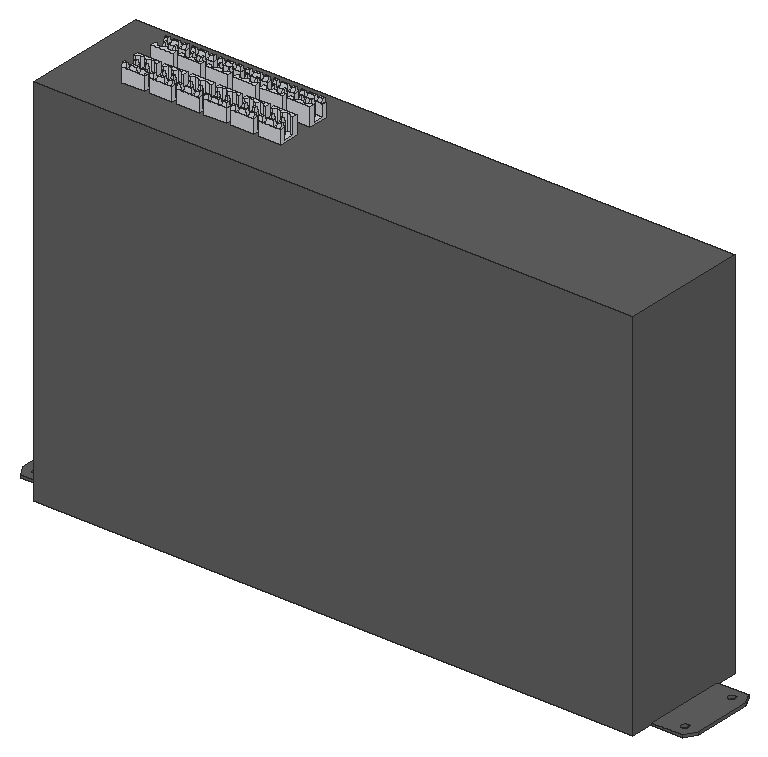
Revit family "БП220 исп3_RV17_LOD400 (05.11.23)", category Электрооборудование, Revit 2017
Family settings
  Конфигурация панели = Два столбца, слева направо
  Размер круглого соединителя = Использовать диаметр
  Тип детали = Щит
  На основе рабочей плоскости = Нет
  Всегда вертикально = Нет
  При загрузке вырезать с полостями = Нет
  Общий = Нет
  Точка расчета площади = Нет
Parameters (values of type "БП220 исп3")
  Смещение_УГО_Y [instance] = 0 mm
  Смещение_УГО_X [instance] = 0 mm
  Раздел проекта [instance] = ""
  Раздел Спецификации [instance] = ""
  Номинальный потребляемый ток, не более, А = 1.7 A
  Напряжение = "12"
  Максимальный потребляемый ток, не более, А = 3.5 A
  Интерфейс управления = "RS-485"
  Диапазон рабочих температур, °С = "от –40 до +50"
  Выходной ток, А = 29 A
  Время непрерывной работы, ч = "круглосуточно"
  В_Смещение_УГО_Y [instance] = Смещение_УГО_Y + 2000 mm  # 2000 mm
  В_Смещение_УГО_X [instance] = Смещение_УГО_X + 2000 mm  # 2000 mm
  d_короба = 0 mm
  ADSK_Размер_Длина = 299 mm
  ADSK_Размер_Глубина = 166 mm
  ADSK_Размер_Высота = 56 mm
  ADSK_Примечание = ""
  ADSK_Наименование = "Блок питания 220В/12В БП220"
  ADSK_Масса = 2.2
  ADSK_Марка = "СТВФ.426471.015-01"
  ADSK_Количество = 1
  ADSK_Завод-изготовитель = "ООО «Основа Безопасности»"  # constant formula
  ADSK_Единица измерения = "шт."  # constant formula
  ADSK_URL страницы изделия = "https://stilsoft.ru/products/bp220-s-kontrollerom"
  ADSK_URL документации изделия = ""
Reference planes
  plane 1 "По центру (Вперед/Назад)": y = 0
  plane 2: z = 0
  plane 3 "По центру (Влево/Вправо)": x = 0
  plane 4: y = 2000
  plane 5: x = -2000
  plane 6: x = 0
  plane 7: y = 0
  plane 8: x = 149.5
  plane 9: x = -149.5
  plane 10: x = 132.5
  plane 11 "1": x = -132.5
  plane 12: y = 27.6
  plane 13: y = -28.4
  plane 14: z = 166
Forms (mm)
  Extrusion 1, solid, material "Стена по умолчанию", detail levels medium+fine
    sketch origin (0, 27.6, 0) x (0, -1, 0) y (1, 0, 0)
      loop
        line (56, -132.5) -> (56, 132.5) -> (0, 132.5) -> (0, -132.5) -> (56, -132.5)
    from 0 to 166
  Extrusion 2, solid, material "Стена по умолчанию", detail levels medium+fine
    sketch origin (0, 27.6, 0) x (0, -1, 0) y (1, 0, 0)
      loop
        line (10, -132.5) -> (10, -146.613) -> (15, -149.5) -> (41, -149.5) -> (45.9, -146.671) -> (45.9, -132.5) -> (10, -132.5)
      loop
        circle (40.943, -143.445) r 1.6
      loop
        line (10, 132.5) -> (46, 132.5) -> (46, 146.613) -> (41, 149.5) -> (15, 149.5) -> (10, 146.613) -> (10, 132.5)
      loop
        circle (15.057, -143.445) r 1.6
      loop
        circle (40.943, 143.445) r 1.6
      loop
        circle (15.057, 143.445) r 1.6
    from 0 to 1
  Extrusion 3, void, detail levels medium+fine
    sketch origin (0, 27.6, 0) x (1, 0, 0) y (0, 0, 1)
      loop
        line (-72.5, 30) -> (-70, 30) -> (-70, 60) -> (-72.5, 60) -> (-72.5, 30)
      loop
        line (-72.5, 75) -> (-70, 75) -> (-70, 105) -> (-72.5, 105) -> (-72.5, 75)
    from 0 to 10
  Extrusion 4, void
    sketch origin (5, 27.6, 0) x (1, 0, 0) y (0, 0, 1)
      loop
        line (-72.5, 30) -> (-70, 30) -> (-70, 60) -> (-72.5, 60) -> (-72.5, 30)
      loop
        line (-72.5, 75) -> (-70, 75) -> (-70, 105) -> (-72.5, 105) -> (-72.5, 75)
    from 0 to 10
  Extrusion 5, void
    sketch origin (10, 27.6, 0) x (1, 0, 0) y (0, 0, 1)
      loop
        line (-72.5, 30) -> (-70, 30) -> (-70, 60) -> (-72.5, 60) -> (-72.5, 30)
      loop
        line (-72.5, 75) -> (-70, 75) -> (-70, 105) -> (-72.5, 105) -> (-72.5, 75)
    from 0 to 10
  Extrusion 6, void
    sketch origin (15, 27.6, 0) x (1, 0, 0) y (0, 0, 1)
      loop
        line (-72.5, 30) -> (-70, 30) -> (-70, 60) -> (-72.5, 60) -> (-72.5, 30)
      loop
        line (-72.5, 75) -> (-70, 75) -> (-70, 105) -> (-72.5, 105) -> (-72.5, 75)
    from 0 to 10
  Extrusion 7, void
    sketch origin (20, 27.6, 0) x (1, 0, 0) y (0, 0, 1)
      loop
        line (-72.5, 30) -> (-70, 30) -> (-70, 60) -> (-72.5, 60) -> (-72.5, 30)
      loop
        line (-72.5, 75) -> (-70, 75) -> (-70, 105) -> (-72.5, 105) -> (-72.5, 75)
    from 0 to 10
  Extrusion 8, void
    sketch origin (25, 27.6, 0) x (1, 0, 0) y (0, 0, 1)
      loop
        line (-72.5, 30) -> (-70, 30) -> (-70, 60) -> (-72.5, 60) -> (-72.5, 30)
      loop
        line (-72.5, 75) -> (-70, 75) -> (-70, 105) -> (-72.5, 105) -> (-72.5, 75)
    from 0 to 10
  Extrusion 9, void
    sketch origin (30, 27.6, 0) x (1, 0, 0) y (0, 0, 1)
      loop
        line (-72.5, 30) -> (-70, 30) -> (-70, 60) -> (-72.5, 60) -> (-72.5, 30)
      loop
        line (-72.5, 75) -> (-70, 75) -> (-70, 105) -> (-72.5, 105) -> (-72.5, 75)
    from 0 to 10
  Extrusion 10, void
    sketch origin (35, 27.6, 0) x (1, 0, 0) y (0, 0, 1)
      loop
        line (-72.5, 30) -> (-70, 30) -> (-70, 60) -> (-72.5, 60) -> (-72.5, 30)
      loop
        line (-72.5, 75) -> (-70, 75) -> (-70, 105) -> (-72.5, 105) -> (-72.5, 75)
    from 0 to 10
  Extrusion 11, void
    sketch origin (40, 27.6, 0) x (1, 0, 0) y (0, 0, 1)
      loop
        line (-72.5, 30) -> (-70, 30) -> (-70, 60) -> (-72.5, 60) -> (-72.5, 30)
      loop
        line (-72.5, 75) -> (-70, 75) -> (-70, 105) -> (-72.5, 105) -> (-72.5, 75)
    from 0 to 10
  Extrusion 12, void
    sketch origin (45, 27.6, 0) x (1, 0, 0) y (0, 0, 1)
      loop
        line (-72.5, 30) -> (-70, 30) -> (-70, 60) -> (-72.5, 60) -> (-72.5, 30)
      loop
        line (-72.5, 75) -> (-70, 75) -> (-70, 105) -> (-72.5, 105) -> (-72.5, 75)
    from 0 to 10
  Extrusion 13, void
    sketch origin (50, 27.6, 0) x (1, 0, 0) y (0, 0, 1)
      loop
        line (-72.5, 30) -> (-70, 30) -> (-70, 60) -> (-72.5, 60) -> (-72.5, 30)
      loop
        line (-72.5, 75) -> (-70, 75) -> (-70, 105) -> (-72.5, 105) -> (-72.5, 75)
    from 0 to 10
  Extrusion 14, void, detail levels medium+fine
    sketch origin (55, 27.6, 0) x (1, 0, 0) y (0, 0, 1)
      loop
        line (-72.5, 30) -> (-70, 30) -> (-70, 60) -> (-72.5, 60) -> (-72.5, 30)
      loop
        line (-72.5, 75) -> (-70, 75) -> (-70, 105) -> (-72.5, 105) -> (-72.5, 75)
    from 0 to 10
  Extrusion 15, void
    sketch origin (60, 27.6, 0) x (1, 0, 0) y (0, 0, 1)
      loop
        line (-72.5, 30) -> (-70, 30) -> (-70, 60) -> (-72.5, 60) -> (-72.5, 30)
      loop
        line (-72.5, 75) -> (-70, 75) -> (-70, 105) -> (-72.5, 105) -> (-72.5, 75)
    from 0 to 10
  Extrusion 16, void
    sketch origin (65, 27.6, 0) x (1, 0, 0) y (0, 0, 1)
      loop
        line (-72.5, 30) -> (-70, 30) -> (-70, 60) -> (-72.5, 60) -> (-72.5, 30)
      loop
        line (-72.5, 75) -> (-70, 75) -> (-70, 105) -> (-72.5, 105) -> (-72.5, 75)
    from 0 to 10
  Extrusion 17, void, detail levels medium+fine
    sketch origin (150, 27.6, 0) x (-1, 0, 0) y (0, 0, -1)
      loop
        line (83.75, -134.128) -> (83.75, -68.001) -> (81.25, -68.001) -> (81.25, -134.128) -> (83.75, -134.128)
    from 0 to 10
  Extrusion 18, void, detail levels medium+fine
    sketch origin (155, 27.6, 0) x (-1, 0, 0) y (0, 0, -1)
      loop
        line (83.75, -135.278) -> (83.75, -66.733) -> (81.25, -66.733) -> (81.25, -135.278) -> (83.75, -135.278)
    from 0 to 10
  Extrusion 19, void, detail levels medium+fine
    sketch origin (160, 27.6, 0) x (-1, 0, 0) y (0, 0, -1)
      loop
        line (83.75, -135.87) -> (83.75, -65.997) -> (81.25, -65.997) -> (81.25, -135.87) -> (83.75, -135.87)
    from 0 to 10
  Extrusion 20, void, detail levels medium+fine
    sketch origin (145, 27.6, 0) x (-1, 0, 0) y (0, 0, -1)
      loop
        line (83.75, -131.746) -> (83.75, -70.132) -> (81.25, -70.132) -> (81.25, -131.746) -> (83.75, -131.746)
    from 0 to 10
  Extrusion 21, void, detail levels medium+fine
    sketch origin (140, 27.6, 0) x (-1, 0, 0) y (0, 0, -1)
      loop
        line (83.75, -128.183) -> (83.75, -73.669) -> (81.25, -73.669) -> (81.25, -128.183) -> (83.75, -128.183)
    from 0 to 10
  Extrusion 22, void, detail levels medium+fine
    sketch origin (135, 27.6, 0) x (-1, 0, 0) y (0, 0, -1)
      loop
        line (83.75, -123.669) -> (83.75, -78.409) -> (81.25, -78.409) -> (81.25, -123.669) -> (83.75, -123.669)
    from 0 to 10
  Extrusion 23, void, detail levels medium+fine
    sketch origin (130, 27.6, 0) x (-1, 0, 0) y (0, 0, -1)
      loop
        line (83.75, -116.574) -> (83.75, -85.412) -> (81.25, -85.412) -> (81.25, -116.574) -> (83.75, -116.574)
    from 0 to 10
  Extrusion 24, void, detail levels medium+fine
    sketch origin (5, 27.6, 0) x (1, 0, 0) y (0, 0, 1)
      loop
        line (83.75, 134.128) -> (81.25, 134.128) -> (81.25, 68.001) -> (83.75, 68.001) -> (83.75, 134.128)
    from 0 to 10
  Extrusion 25, void, detail levels medium+fine
    sketch origin (0, 27.6, 0) x (1, 0, 0) y (0, 0, 1)
      loop
        line (83.75, 135.278) -> (81.25, 135.278) -> (81.25, 66.733) -> (83.75, 66.733) -> (83.75, 135.278)
    from 0 to 10
  Extrusion 26, void, detail levels medium+fine
    sketch origin (10, 27.6, 0) x (1, 0, 0) y (0, 0, 1)
      loop
        line (83.75, 131.746) -> (81.25, 131.746) -> (81.25, 70.132) -> (83.75, 70.132) -> (83.75, 131.746)
    from 0 to 10
  Extrusion 27, void, detail levels medium+fine
    sketch origin (15, 27.6, 0) x (1, 0, 0) y (0, 0, 1)
      loop
        line (83.75, 128.183) -> (81.25, 128.183) -> (81.25, 73.669) -> (83.75, 73.669) -> (83.75, 128.183)
    from 0 to 10
  Extrusion 28, void, detail levels medium+fine
    sketch origin (20, 27.6, 0) x (1, 0, 0) y (0, 0, 1)
      loop
        line (83.75, 123.669) -> (81.25, 123.669) -> (81.25, 78.409) -> (83.75, 78.409) -> (83.75, 123.669)
    from 0 to 10
  Extrusion 29, void, detail levels medium+fine
    sketch origin (25, 27.6, 0) x (1, 0, 0) y (0, 0, 1)
      loop
        line (83.75, 116.574) -> (81.25, 116.574) -> (81.25, 85.412) -> (83.75, 85.412) -> (83.75, 116.574)
    from 0 to 10
  Extrusion 30, void, detail levels medium+fine
    sketch origin (-132.5, 27.6, -5) x (0, 0, -1) y (0, -1, 0)
      loop
        line (-151, 12.6) -> (-148.5, 12.6) -> (-148.5, 42.6) -> (-151, 42.6) -> (-151, 12.6)
    from 0 to -10
  Extrusion 31, void, detail levels medium+fine
    sketch origin (-132.5, 27.6, -10) x (0, 0, -1) y (0, -1, 0)
      loop
        line (-151, 12.6) -> (-148.5, 12.6) -> (-148.5, 42.6) -> (-151, 42.6) -> (-151, 12.6)
    from 0 to -10
  Extrusion 32, void, detail levels medium+fine
    sketch origin (-132.5, 27.6, -15) x (0, 0, -1) y (0, -1, 0)
      loop
        line (-151, 12.6) -> (-148.5, 12.6) -> (-148.5, 42.6) -> (-151, 42.6) -> (-151, 12.6)
    from 0 to -10
  Extrusion 33, void, detail levels medium+fine
    sketch origin (-132.5, 27.6, -20) x (0, 0, -1) y (0, -1, 0)
      loop
        line (-151, 12.6) -> (-148.5, 12.6) -> (-148.5, 42.6) -> (-151, 42.6) -> (-151, 12.6)
    from 0 to -10
  Extrusion 34, void, detail levels medium+fine
    sketch origin (-132.5, 27.6, -25) x (0, 0, -1) y (0, -1, 0)
      loop
        line (-151, 12.6) -> (-148.5, 12.6) -> (-148.5, 42.6) -> (-151, 42.6) -> (-151, 12.6)
    from 0 to -10
  Extrusion 35, void, detail levels medium+fine
    sketch origin (-132.5, 27.6, -30) x (0, 0, -1) y (0, -1, 0)
      loop
        line (-151, 12.6) -> (-148.5, 12.6) -> (-148.5, 42.6) -> (-151, 42.6) -> (-151, 12.6)
    from 0 to -10
  Extrusion 36, void, detail levels medium+fine
    sketch origin (-132.5, 27.6, -35) x (0, 0, -1) y (0, -1, 0)
      loop
        line (-151, 12.6) -> (-148.5, 12.6) -> (-148.5, 42.6) -> (-151, 42.6) -> (-151, 12.6)
    from 0 to -10
  Extrusion 37, void, detail levels medium+fine
    sketch origin (-132.5, 27.6, -40) x (0, 0, -1) y (0, -1, 0)
      loop
        line (-151, 12.6) -> (-148.5, 12.6) -> (-148.5, 42.6) -> (-151, 42.6) -> (-151, 12.6)
    from 0 to -10
  Extrusion 38, void, detail levels medium+fine
    sketch origin (-132.5, 27.6, -45) x (0, 0, -1) y (0, -1, 0)
      loop
        line (-151, 12.6) -> (-148.5, 12.6) -> (-148.5, 42.6) -> (-151, 42.6) -> (-151, 12.6)
    from 0 to -10
  Extrusion 39, void, detail levels medium+fine
    sketch origin (-132.5, 27.6, -50) x (0, 0, -1) y (0, -1, 0)
      loop
        line (-151, 12.6) -> (-148.5, 12.6) -> (-148.5, 42.6) -> (-151, 42.6) -> (-151, 12.6)
    from 0 to -10
  Extrusion 40, void, detail levels medium+fine
    sketch origin (-132.5, 27.6, -55) x (0, 0, -1) y (0, -1, 0)
      loop
        line (-151, 12.6) -> (-148.5, 12.6) -> (-148.5, 42.6) -> (-151, 42.6) -> (-151, 12.6)
    from 0 to -10
  Extrusion 41, void, detail levels medium+fine
    sketch origin (-132.5, 27.6, -60) x (0, 0, -1) y (0, -1, 0)
      loop
        line (-151, 12.6) -> (-148.5, 12.6) -> (-148.5, 42.6) -> (-151, 42.6) -> (-151, 12.6)
    from 0 to -10
  Extrusion 42, void, detail levels medium+fine
    sketch origin (-132.5, 27.6, -65) x (0, 0, -1) y (0, -1, 0)
      loop
        line (-151, 12.6) -> (-148.5, 12.6) -> (-148.5, 42.6) -> (-151, 42.6) -> (-151, 12.6)
    from 0 to -10
  Extrusion 43, void, detail levels medium+fine
    sketch origin (-132.5, 27.6, -70) x (0, 0, -1) y (0, -1, 0)
      loop
        line (-151, 12.6) -> (-148.5, 12.6) -> (-148.5, 42.6) -> (-151, 42.6) -> (-151, 12.6)
    from 0 to -10
  Extrusion 44, void, detail levels medium+fine
    sketch origin (-132.5, 27.6, 0) x (0, 0, -1) y (0, -1, 0)
      loop
        line (-151, 12.6) -> (-148.5, 12.6) -> (-148.5, 42.6) -> (-151, 42.6) -> (-151, 12.6)
    from 0 to -10
  Extrusion 45, solid, detail levels medium+fine
    sketch origin (0, 27.6, 166) x (-1, 0, 0) y (0, -1, 0)
      loop
        line (98.62, 21.184) -> (98.62, 19.202) -> (99.495, 19.202) -> (100.459, 20.166) -> (102.219, 20.166) -> (103.183, 19.202) -> (104.058, 19.202) -> (105.022, 20.166) -> (106.781, 20.166) -> (107.745, 19.202) -> (108.62, 19.202) -> (108.62, 21.184) -> (98.62, 21.184)
    from 0 to 8
  Extrusion 46, solid, detail levels medium+fine
    sketch origin (0, 27.6, 166) x (-1, 0, 0) y (0, -1, 0)
      loop
        line (98.62, 12.584) -> (108.62, 12.584) -> (108.62, 14.187) -> (98.62, 14.187) -> (98.62, 12.584)
      loop
        line (100.794, 17.33) -> (100.794, 15.959) -> (102.002, 15.959) -> (102.002, 17.33) -> (100.794, 17.33)
      loop
        line (106.446, 17.33) -> (105.238, 17.33) -> (105.238, 15.959) -> (106.446, 15.959) -> (106.446, 17.33)
    from 0 to 6
  Extrusion 47, solid, detail levels medium+fine
    sketch origin (0, 27.6, 166) x (-1, 0, 0) y (0, -1, 0)
      loop
        line (98.62, 21.184) -> (98.62, 12.584) -> (108.62, 12.584) -> (108.62, 21.184) -> (98.62, 21.184)
    from 0 to 1
  Blend 48, solid, detail levels medium+fine
    base sketch origin (0, 27.6, 166) x (-1, 0, 0) y (0, -1, 0)
      loop
        line (100.794, 17.33) -> (100.794, 15.959) -> (102.002, 15.959) -> (102.002, 17.33) -> (100.794, 17.33)
    top sketch origin (0, 27.6, 166) x (-1, 0, 0) y (0, -1, 0)
      loop
        line (101.026, 17.048) -> (101.026, 16.244) -> (101.812, 16.244) -> (101.812, 17.048) -> (101.026, 17.048)
    from 6 to 8
  Blend 49, solid, detail levels medium+fine
    base sketch origin (-4.444, 27.6, 166) x (-1, 0, 0) y (0, -1, 0)
      loop
        line (100.794, 17.33) -> (100.794, 15.959) -> (102.002, 15.959) -> (102.002, 17.33) -> (100.794, 17.33)
    top sketch origin (-4.444, 27.6, 166) x (-1, 0, 0) y (0, -1, 0)
      loop
        line (101.026, 17.048) -> (101.026, 16.244) -> (101.812, 16.244) -> (101.812, 17.048) -> (101.026, 17.048)
    from 6 to 8
  Blend 50, solid, detail levels medium+fine
    base sketch origin (0, 27.6, 166) x (-1, 0, 0) y (0, -1, 0)
      loop
        line (101.875, 14.187) -> (101.875, 12.584) -> (105.457, 12.584) -> (105.457, 14.187) -> (101.875, 14.187)
    top sketch origin (0, 27.6, 166) x (-1, 0, 0) y (0, -1, 0)
      loop
        line (102.306, 13.751) -> (102.306, 12.968) -> (105.125, 12.968) -> (105.125, 13.751) -> (102.306, 13.751)
    from 6 to 8
  Blend 51, solid, detail levels medium+fine
    base sketch origin (0, 27.6, 166) x (-1, 0, 0) y (0, -1, 0)
      loop
        line (106.585, 14.187) -> (106.585, 12.584) -> (108.62, 12.584) -> (108.62, 14.187) -> (106.585, 14.187)
    top sketch origin (0, 27.6, 166) x (-1, 0, 0) y (0, -1, 0)
      loop
        line (106.948, 13.801) -> (106.948, 12.962) -> (108.62, 12.962) -> (108.62, 13.801) -> (106.948, 13.801)
    from 6 to 8
  Blend 52, solid, detail levels medium+fine
    base sketch origin (-207.332, 27.6, 166) x (1, 0, 0) y (0, 1, 0)
      loop
        line (106.585, -14.187) -> (108.62, -14.187) -> (108.62, -12.584) -> (106.585, -12.584) -> (106.585, -14.187)
    top sketch origin (-207.332, 27.6, 166) x (1, 0, 0) y (0, 1, 0)
      loop
        line (106.948, -13.801) -> (108.62, -13.801) -> (108.62, -12.962) -> (106.948, -12.962) -> (106.948, -13.801)
    from 6 to 8
  Extrusion 53, solid, detail levels medium+fine
    sketch origin (12.049, 27.6, 166) x (-1, 0, 0) y (0, -1, 0)
      loop
        line (98.62, 21.184) -> (98.62, 19.202) -> (99.495, 19.202) -> (100.459, 20.166) -> (102.219, 20.166) -> (103.183, 19.202) -> (104.058, 19.202) -> (105.022, 20.166) -> (106.781, 20.166) -> (107.745, 19.202) -> (108.62, 19.202) -> (108.62, 21.184) -> (98.62, 21.184)
    from 0 to 8
  Extrusion 54, solid, detail levels medium+fine
    sketch origin (12.049, 27.6, 166) x (-1, 0, 0) y (0, -1, 0)
      loop
        line (98.62, 12.584) -> (108.62, 12.584) -> (108.62, 14.187) -> (98.62, 14.187) -> (98.62, 12.584)
      loop
        line (100.794, 17.33) -> (100.794, 15.959) -> (102.002, 15.959) -> (102.002, 17.33) -> (100.794, 17.33)
      loop
        line (106.446, 17.33) -> (105.238, 17.33) -> (105.238, 15.959) -> (106.446, 15.959) -> (106.446, 17.33)
    from 0 to 6
  Extrusion 55, solid, detail levels medium+fine
    sketch origin (12.049, 27.6, 166) x (-1, 0, 0) y (0, -1, 0)
      loop
        line (98.62, 21.184) -> (98.62, 12.584) -> (108.62, 12.584) -> (108.62, 21.184) -> (98.62, 21.184)
    from 0 to 1
  Blend 56, solid, detail levels medium+fine
    base sketch origin (12.049, 27.6, 166) x (-1, 0, 0) y (0, -1, 0)
      loop
        line (100.794, 17.33) -> (100.794, 15.959) -> (102.002, 15.959) -> (102.002, 17.33) -> (100.794, 17.33)
    top sketch origin (12.049, 27.6, 166) x (-1, 0, 0) y (0, -1, 0)
      loop
        line (101.026, 17.048) -> (101.026, 16.244) -> (101.812, 16.244) -> (101.812, 17.048) -> (101.026, 17.048)
    from 6 to 8
  Blend 57, solid, detail levels medium+fine
    base sketch origin (7.605, 27.6, 166) x (-1, 0, 0) y (0, -1, 0)
      loop
        line (100.794, 17.33) -> (100.794, 15.959) -> (102.002, 15.959) -> (102.002, 17.33) -> (100.794, 17.33)
    top sketch origin (7.605, 27.6, 166) x (-1, 0, 0) y (0, -1, 0)
      loop
        line (101.026, 17.048) -> (101.026, 16.244) -> (101.812, 16.244) -> (101.812, 17.048) -> (101.026, 17.048)
    from 6 to 8
  Blend 58, solid, detail levels medium+fine
    base sketch origin (12.049, 27.6, 166) x (-1, 0, 0) y (0, -1, 0)
      loop
        line (101.875, 14.187) -> (101.875, 12.584) -> (105.457, 12.584) -> (105.457, 14.187) -> (101.875, 14.187)
    top sketch origin (12.049, 27.6, 166) x (-1, 0, 0) y (0, -1, 0)
      loop
        line (102.306, 13.751) -> (102.306, 12.968) -> (105.125, 12.968) -> (105.125, 13.751) -> (102.306, 13.751)
    from 6 to 8
  Blend 59, solid, detail levels medium+fine
    base sketch origin (12.049, 27.6, 166) x (-1, 0, 0) y (0, -1, 0)
      loop
        line (106.585, 14.187) -> (106.585, 12.584) -> (108.62, 12.584) -> (108.62, 14.187) -> (106.585, 14.187)
    top sketch origin (12.049, 27.6, 166) x (-1, 0, 0) y (0, -1, 0)
      loop
        line (106.948, 13.801) -> (106.948, 12.962) -> (108.62, 12.962) -> (108.62, 13.801) -> (106.948, 13.801)
    from 6 to 8
  Blend 60, solid, detail levels medium+fine
    base sketch origin (-195.283, 27.6, 166) x (1, 0, 0) y (0, 1, 0)
      loop
        line (106.585, -14.187) -> (108.62, -14.187) -> (108.62, -12.584) -> (106.585, -12.584) -> (106.585, -14.187)
    top sketch origin (-195.283, 27.6, 166) x (1, 0, 0) y (0, 1, 0)
      loop
        line (106.948, -13.801) -> (108.62, -13.801) -> (108.62, -12.962) -> (106.948, -12.962) -> (106.948, -13.801)
    from 6 to 8
  Extrusion 61, solid, detail levels medium+fine
    sketch origin (24.097, 27.6, 166) x (-1, 0, 0) y (0, -1, 0)
      loop
        line (98.62, 21.184) -> (98.62, 19.202) -> (99.495, 19.202) -> (100.459, 20.166) -> (102.219, 20.166) -> (103.183, 19.202) -> (104.058, 19.202) -> (105.022, 20.166) -> (106.781, 20.166) -> (107.745, 19.202) -> (108.62, 19.202) -> (108.62, 21.184) -> (98.62, 21.184)
    from 0 to 8
  Extrusion 62, solid, detail levels medium+fine
    sketch origin (24.097, 27.6, 166) x (-1, 0, 0) y (0, -1, 0)
      loop
        line (98.62, 12.584) -> (108.62, 12.584) -> (108.62, 14.187) -> (98.62, 14.187) -> (98.62, 12.584)
      loop
        line (100.794, 17.33) -> (100.794, 15.959) -> (102.002, 15.959) -> (102.002, 17.33) -> (100.794, 17.33)
      loop
        line (106.446, 17.33) -> (105.238, 17.33) -> (105.238, 15.959) -> (106.446, 15.959) -> (106.446, 17.33)
    from 0 to 6
  Extrusion 63, solid, detail levels medium+fine
    sketch origin (24.097, 27.6, 166) x (-1, 0, 0) y (0, -1, 0)
      loop
        line (98.62, 21.184) -> (98.62, 12.584) -> (108.62, 12.584) -> (108.62, 21.184) -> (98.62, 21.184)
    from 0 to 1
  Blend 64, solid, detail levels medium+fine
    base sketch origin (24.097, 27.6, 166) x (-1, 0, 0) y (0, -1, 0)
      loop
        line (100.794, 17.33) -> (100.794, 15.959) -> (102.002, 15.959) -> (102.002, 17.33) -> (100.794, 17.33)
    top sketch origin (24.097, 27.6, 166) x (-1, 0, 0) y (0, -1, 0)
      loop
        line (101.026, 17.048) -> (101.026, 16.244) -> (101.812, 16.244) -> (101.812, 17.048) -> (101.026, 17.048)
    from 6 to 8
  Blend 65, solid, detail levels medium+fine
    base sketch origin (19.653, 27.6, 166) x (-1, 0, 0) y (0, -1, 0)
      loop
        line (100.794, 17.33) -> (100.794, 15.959) -> (102.002, 15.959) -> (102.002, 17.33) -> (100.794, 17.33)
    top sketch origin (19.653, 27.6, 166) x (-1, 0, 0) y (0, -1, 0)
      loop
        line (101.026, 17.048) -> (101.026, 16.244) -> (101.812, 16.244) -> (101.812, 17.048) -> (101.026, 17.048)
    from 6 to 8
  Blend 66, solid, detail levels medium+fine
    base sketch origin (24.097, 27.6, 166) x (-1, 0, 0) y (0, -1, 0)
      loop
        line (101.875, 14.187) -> (101.875, 12.584) -> (105.457, 12.584) -> (105.457, 14.187) -> (101.875, 14.187)
    top sketch origin (24.097, 27.6, 166) x (-1, 0, 0) y (0, -1, 0)
      loop
        line (102.306, 13.751) -> (102.306, 12.968) -> (105.125, 12.968) -> (105.125, 13.751) -> (102.306, 13.751)
    from 6 to 8
  Blend 67, solid, detail levels medium+fine
    base sketch origin (24.097, 27.6, 166) x (-1, 0, 0) y (0, -1, 0)
      loop
        line (106.585, 14.187) -> (106.585, 12.584) -> (108.62, 12.584) -> (108.62, 14.187) -> (106.585, 14.187)
    top sketch origin (24.097, 27.6, 166) x (-1, 0, 0) y (0, -1, 0)
      loop
        line (106.948, 13.801) -> (106.948, 12.962) -> (108.62, 12.962) -> (108.62, 13.801) -> (106.948, 13.801)
    from 6 to 8
  Blend 68, solid, detail levels medium+fine
    base sketch origin (-183.234, 27.6, 166) x (1, 0, 0) y (0, 1, 0)
      loop
        line (106.585, -14.187) -> (108.62, -14.187) -> (108.62, -12.584) -> (106.585, -12.584) -> (106.585, -14.187)
    top sketch origin (-183.234, 27.6, 166) x (1, 0, 0) y (0, 1, 0)
      loop
        line (106.948, -13.801) -> (108.62, -13.801) -> (108.62, -12.962) -> (106.948, -12.962) -> (106.948, -13.801)
    from 6 to 8
  Extrusion 69, solid, detail levels medium+fine
    sketch origin (36.146, 27.6, 166) x (-1, 0, 0) y (0, -1, 0)
      loop
        line (98.62, 21.184) -> (98.62, 19.202) -> (99.495, 19.202) -> (100.459, 20.166) -> (102.219, 20.166) -> (103.183, 19.202) -> (104.058, 19.202) -> (105.022, 20.166) -> (106.781, 20.166) -> (107.745, 19.202) -> (108.62, 19.202) -> (108.62, 21.184) -> (98.62, 21.184)
    from 0 to 8
  Extrusion 70, solid, detail levels medium+fine
    sketch origin (36.146, 27.6, 166) x (-1, 0, 0) y (0, -1, 0)
      loop
        line (98.62, 12.584) -> (108.62, 12.584) -> (108.62, 14.187) -> (98.62, 14.187) -> (98.62, 12.584)
      loop
        line (100.794, 17.33) -> (100.794, 15.959) -> (102.002, 15.959) -> (102.002, 17.33) -> (100.794, 17.33)
      loop
        line (106.446, 17.33) -> (105.238, 17.33) -> (105.238, 15.959) -> (106.446, 15.959) -> (106.446, 17.33)
    from 0 to 6
  Extrusion 71, solid, detail levels medium+fine
    sketch origin (36.146, 27.6, 166) x (-1, 0, 0) y (0, -1, 0)
      loop
        line (98.62, 21.184) -> (98.62, 12.584) -> (108.62, 12.584) -> (108.62, 21.184) -> (98.62, 21.184)
    from 0 to 1
  Blend 72, solid, detail levels medium+fine
    base sketch origin (36.146, 27.6, 166) x (-1, 0, 0) y (0, -1, 0)
      loop
        line (100.794, 17.33) -> (100.794, 15.959) -> (102.002, 15.959) -> (102.002, 17.33) -> (100.794, 17.33)
    top sketch origin (36.146, 27.6, 166) x (-1, 0, 0) y (0, -1, 0)
      loop
        line (101.026, 17.048) -> (101.026, 16.244) -> (101.812, 16.244) -> (101.812, 17.048) -> (101.026, 17.048)
    from 6 to 8
  Blend 73, solid, detail levels medium+fine
    base sketch origin (31.702, 27.6, 166) x (-1, 0, 0) y (0, -1, 0)
      loop
        line (100.794, 17.33) -> (100.794, 15.959) -> (102.002, 15.959) -> (102.002, 17.33) -> (100.794, 17.33)
    top sketch origin (31.702, 27.6, 166) x (-1, 0, 0) y (0, -1, 0)
      loop
        line (101.026, 17.048) -> (101.026, 16.244) -> (101.812, 16.244) -> (101.812, 17.048) -> (101.026, 17.048)
    from 6 to 8
  Blend 74, solid, detail levels medium+fine
    base sketch origin (36.146, 27.6, 166) x (-1, 0, 0) y (0, -1, 0)
      loop
        line (101.875, 14.187) -> (101.875, 12.584) -> (105.457, 12.584) -> (105.457, 14.187) -> (101.875, 14.187)
    top sketch origin (36.146, 27.6, 166) x (-1, 0, 0) y (0, -1, 0)
      loop
        line (102.306, 13.751) -> (102.306, 12.968) -> (105.125, 12.968) -> (105.125, 13.751) -> (102.306, 13.751)
    from 6 to 8
  Blend 75, solid, detail levels medium+fine
    base sketch origin (36.146, 27.6, 166) x (-1, 0, 0) y (0, -1, 0)
      loop
        line (106.585, 14.187) -> (106.585, 12.584) -> (108.62, 12.584) -> (108.62, 14.187) -> (106.585, 14.187)
    top sketch origin (36.146, 27.6, 166) x (-1, 0, 0) y (0, -1, 0)
      loop
        line (106.948, 13.801) -> (106.948, 12.962) -> (108.62, 12.962) -> (108.62, 13.801) -> (106.948, 13.801)
    from 6 to 8
  Blend 76, solid, detail levels medium+fine
    base sketch origin (-171.186, 27.6, 166) x (1, 0, 0) y (0, 1, 0)
      loop
        line (106.585, -14.187) -> (108.62, -14.187) -> (108.62, -12.584) -> (106.585, -12.584) -> (106.585, -14.187)
    top sketch origin (-171.186, 27.6, 166) x (1, 0, 0) y (0, 1, 0)
      loop
        line (106.948, -13.801) -> (108.62, -13.801) -> (108.62, -12.962) -> (106.948, -12.962) -> (106.948, -13.801)
    from 6 to 8
  Extrusion 77, solid, detail levels medium+fine
    sketch origin (48.195, 27.6, 166) x (-1, 0, 0) y (0, -1, 0)
      loop
        line (98.62, 21.184) -> (98.62, 19.202) -> (99.495, 19.202) -> (100.459, 20.166) -> (102.219, 20.166) -> (103.183, 19.202) -> (104.058, 19.202) -> (105.022, 20.166) -> (106.781, 20.166) -> (107.745, 19.202) -> (108.62, 19.202) -> (108.62, 21.184) -> (98.62, 21.184)
    from 0 to 8
  Extrusion 78, solid, detail levels medium+fine
    sketch origin (48.195, 27.6, 166) x (-1, 0, 0) y (0, -1, 0)
      loop
        line (98.62, 12.584) -> (108.62, 12.584) -> (108.62, 14.187) -> (98.62, 14.187) -> (98.62, 12.584)
      loop
        line (100.794, 17.33) -> (100.794, 15.959) -> (102.002, 15.959) -> (102.002, 17.33) -> (100.794, 17.33)
      loop
        line (106.446, 17.33) -> (105.238, 17.33) -> (105.238, 15.959) -> (106.446, 15.959) -> (106.446, 17.33)
    from 0 to 6
  Extrusion 79, solid, detail levels medium+fine
    sketch origin (48.195, 27.6, 166) x (-1, 0, 0) y (0, -1, 0)
      loop
        line (98.62, 21.184) -> (98.62, 12.584) -> (108.62, 12.584) -> (108.62, 21.184) -> (98.62, 21.184)
    from 0 to 1
  Blend 80, solid, detail levels medium+fine
    base sketch origin (48.195, 27.6, 166) x (-1, 0, 0) y (0, -1, 0)
      loop
        line (100.794, 17.33) -> (100.794, 15.959) -> (102.002, 15.959) -> (102.002, 17.33) -> (100.794, 17.33)
    top sketch origin (48.195, 27.6, 166) x (-1, 0, 0) y (0, -1, 0)
      loop
        line (101.026, 17.048) -> (101.026, 16.244) -> (101.812, 16.244) -> (101.812, 17.048) -> (101.026, 17.048)
    from 6 to 8
  Blend 81, solid, detail levels medium+fine
    base sketch origin (43.751, 27.6, 166) x (-1, 0, 0) y (0, -1, 0)
      loop
        line (100.794, 17.33) -> (100.794, 15.959) -> (102.002, 15.959) -> (102.002, 17.33) -> (100.794, 17.33)
    top sketch origin (43.751, 27.6, 166) x (-1, 0, 0) y (0, -1, 0)
      loop
        line (101.026, 17.048) -> (101.026, 16.244) -> (101.812, 16.244) -> (101.812, 17.048) -> (101.026, 17.048)
    from 6 to 8
  Blend 82, solid, detail levels medium+fine
    base sketch origin (48.195, 27.6, 166) x (-1, 0, 0) y (0, -1, 0)
      loop
        line (101.875, 14.187) -> (101.875, 12.584) -> (105.457, 12.584) -> (105.457, 14.187) -> (101.875, 14.187)
    top sketch origin (48.195, 27.6, 166) x (-1, 0, 0) y (0, -1, 0)
      loop
        line (102.306, 13.751) -> (102.306, 12.968) -> (105.125, 12.968) -> (105.125, 13.751) -> (102.306, 13.751)
    from 6 to 8
  Blend 83, solid, detail levels medium+fine
    base sketch origin (48.195, 27.6, 166) x (-1, 0, 0) y (0, -1, 0)
      loop
        line (106.585, 14.187) -> (106.585, 12.584) -> (108.62, 12.584) -> (108.62, 14.187) -> (106.585, 14.187)
    top sketch origin (48.195, 27.6, 166) x (-1, 0, 0) y (0, -1, 0)
      loop
        line (106.948, 13.801) -> (106.948, 12.962) -> (108.62, 12.962) -> (108.62, 13.801) -> (106.948, 13.801)
    from 6 to 8
  Blend 84, solid, detail levels medium+fine
    base sketch origin (-159.137, 27.6, 166) x (1, 0, 0) y (0, 1, 0)
      loop
        line (106.585, -14.187) -> (108.62, -14.187) -> (108.62, -12.584) -> (106.585, -12.584) -> (106.585, -14.187)
    top sketch origin (-159.137, 27.6, 166) x (1, 0, 0) y (0, 1, 0)
      loop
        line (106.948, -13.801) -> (108.62, -13.801) -> (108.62, -12.962) -> (106.948, -12.962) -> (106.948, -13.801)
    from 6 to 8
  Extrusion 85, solid, detail levels medium+fine
    sketch origin (60.243, 27.6, 166) x (-1, 0, 0) y (0, -1, 0)
      loop
        line (98.62, 21.184) -> (98.62, 19.202) -> (99.495, 19.202) -> (100.459, 20.166) -> (102.219, 20.166) -> (103.183, 19.202) -> (104.058, 19.202) -> (105.022, 20.166) -> (106.781, 20.166) -> (107.745, 19.202) -> (108.62, 19.202) -> (108.62, 21.184) -> (98.62, 21.184)
    from 0 to 8
  Extrusion 86, solid, detail levels medium+fine
    sketch origin (60.243, 27.6, 166) x (-1, 0, 0) y (0, -1, 0)
      loop
        line (98.62, 12.584) -> (108.62, 12.584) -> (108.62, 14.187) -> (98.62, 14.187) -> (98.62, 12.584)
      loop
        line (100.794, 17.33) -> (100.794, 15.959) -> (102.002, 15.959) -> (102.002, 17.33) -> (100.794, 17.33)
      loop
        line (106.446, 17.33) -> (105.238, 17.33) -> (105.238, 15.959) -> (106.446, 15.959) -> (106.446, 17.33)
    from 0 to 6
  Extrusion 87, solid, detail levels medium+fine
    sketch origin (60.243, 27.6, 166) x (-1, 0, 0) y (0, -1, 0)
      loop
        line (98.62, 21.184) -> (98.62, 12.584) -> (108.62, 12.584) -> (108.62, 21.184) -> (98.62, 21.184)
    from 0 to 1
  Blend 88, solid, detail levels medium+fine
    base sketch origin (60.243, 27.6, 166) x (-1, 0, 0) y (0, -1, 0)
      loop
        line (100.794, 17.33) -> (100.794, 15.959) -> (102.002, 15.959) -> (102.002, 17.33) -> (100.794, 17.33)
    top sketch origin (60.243, 27.6, 166) x (-1, 0, 0) y (0, -1, 0)
      loop
        line (101.026, 17.048) -> (101.026, 16.244) -> (101.812, 16.244) -> (101.812, 17.048) -> (101.026, 17.048)
    from 6 to 8
  Blend 89, solid, detail levels medium+fine
    base sketch origin (55.799, 27.6, 166) x (-1, 0, 0) y (0, -1, 0)
      loop
        line (100.794, 17.33) -> (100.794, 15.959) -> (102.002, 15.959) -> (102.002, 17.33) -> (100.794, 17.33)
    top sketch origin (55.799, 27.6, 166) x (-1, 0, 0) y (0, -1, 0)
      loop
        line (101.026, 17.048) -> (101.026, 16.244) -> (101.812, 16.244) -> (101.812, 17.048) -> (101.026, 17.048)
    from 6 to 8
  Blend 90, solid, detail levels medium+fine
    base sketch origin (60.243, 27.6, 166) x (-1, 0, 0) y (0, -1, 0)
      loop
        line (101.875, 14.187) -> (101.875, 12.584) -> (105.457, 12.584) -> (105.457, 14.187) -> (101.875, 14.187)
    top sketch origin (60.243, 27.6, 166) x (-1, 0, 0) y (0, -1, 0)
      loop
        line (102.306, 13.751) -> (102.306, 12.968) -> (105.125, 12.968) -> (105.125, 13.751) -> (102.306, 13.751)
    from 6 to 8
  Blend 91, solid, detail levels medium+fine
    base sketch origin (60.243, 27.6, 166) x (-1, 0, 0) y (0, -1, 0)
      loop
        line (106.585, 14.187) -> (106.585, 12.584) -> (108.62, 12.584) -> (108.62, 14.187) -> (106.585, 14.187)
    top sketch origin (60.243, 27.6, 166) x (-1, 0, 0) y (0, -1, 0)
      loop
        line (106.948, 13.801) -> (106.948, 12.962) -> (108.62, 12.962) -> (108.62, 13.801) -> (106.948, 13.801)
    from 6 to 8
  Blend 92, solid, detail levels medium+fine
    base sketch origin (-147.088, 27.6, 166) x (1, 0, 0) y (0, 1, 0)
      loop
        line (106.585, -14.187) -> (108.62, -14.187) -> (108.62, -12.584) -> (106.585, -12.584) -> (106.585, -14.187)
    top sketch origin (-147.088, 27.6, 166) x (1, 0, 0) y (0, 1, 0)
      loop
        line (106.948, -13.801) -> (108.62, -13.801) -> (108.62, -12.962) -> (106.948, -12.962) -> (106.948, -13.801)
    from 6 to 8
  Extrusion 93, solid, detail levels medium+fine
    sketch origin (0, -22.053, 166) x (-1, 0, 0) y (0, -1, 0)
      loop
        line (98.62, -21.184) -> (108.62, -21.184) -> (108.62, -19.202) -> (107.745, -19.202) -> (106.781, -20.166) -> (105.022, -20.166) -> (104.058, -19.202) -> (103.183, -19.202) -> (102.219, -20.166) -> (100.459, -20.166) -> (99.495, -19.202) -> (98.62, -19.202) -> (98.62, -21.184)
    from 0 to 8
  Extrusion 94, solid, detail levels medium+fine
    sketch origin (0, -22.053, 166) x (-1, 0, 0) y (0, -1, 0)
      loop
        line (98.62, -12.584) -> (98.62, -14.187) -> (108.62, -14.187) -> (108.62, -12.584) -> (98.62, -12.584)
      loop
        line (100.794, -17.33) -> (102.002, -17.33) -> (102.002, -15.959) -> (100.794, -15.959) -> (100.794, -17.33)
      loop
        line (106.446, -17.33) -> (106.446, -15.959) -> (105.238, -15.959) -> (105.238, -17.33) -> (106.446, -17.33)
    from 0 to 6
  Extrusion 95, solid, detail levels medium+fine
    sketch origin (0, -22.053, 166) x (-1, 0, 0) y (0, -1, 0)
      loop
        line (98.62, -21.184) -> (108.62, -21.184) -> (108.62, -12.584) -> (98.62, -12.584) -> (98.62, -21.184)
    from 0 to 1
  Blend 96, solid, detail levels medium+fine
    base sketch origin (0, -22.053, 166) x (-1, 0, 0) y (0, -1, 0)
      loop
        line (100.794, -17.33) -> (102.002, -17.33) -> (102.002, -15.959) -> (100.794, -15.959) -> (100.794, -17.33)
    top sketch origin (0, -22.053, 166) x (-1, 0, 0) y (0, -1, 0)
      loop
        line (101.026, -17.048) -> (101.812, -17.048) -> (101.812, -16.244) -> (101.026, -16.244) -> (101.026, -17.048)
    from 6 to 8
  Blend 97, solid, detail levels medium+fine
    base sketch origin (-4.444, -22.053, 166) x (-1, 0, 0) y (0, -1, 0)
      loop
        line (100.794, -17.33) -> (102.002, -17.33) -> (102.002, -15.959) -> (100.794, -15.959) -> (100.794, -17.33)
    top sketch origin (-4.444, -22.053, 166) x (-1, 0, 0) y (0, -1, 0)
      loop
        line (101.026, -17.048) -> (101.812, -17.048) -> (101.812, -16.244) -> (101.026, -16.244) -> (101.026, -17.048)
    from 6 to 8
  Blend 98, solid, detail levels medium+fine
    base sketch origin (0, -22.053, 166) x (-1, 0, 0) y (0, -1, 0)
      loop
        line (101.875, -14.187) -> (105.457, -14.187) -> (105.457, -12.584) -> (101.875, -12.584) -> (101.875, -14.187)
    top sketch origin (0, -22.053, 166) x (-1, 0, 0) y (0, -1, 0)
      loop
        line (102.306, -13.751) -> (105.125, -13.751) -> (105.125, -12.968) -> (102.306, -12.968) -> (102.306, -13.751)
    from 6 to 8
  Blend 99, solid, detail levels medium+fine
    base sketch origin (0, -22.053, 166) x (-1, 0, 0) y (0, -1, 0)
      loop
        line (106.585, -14.187) -> (108.62, -14.187) -> (108.62, -12.584) -> (106.585, -12.584) -> (106.585, -14.187)
    top sketch origin (0, -22.053, 166) x (-1, 0, 0) y (0, -1, 0)
      loop
        line (106.948, -13.801) -> (108.62, -13.801) -> (108.62, -12.962) -> (106.948, -12.962) -> (106.948, -13.801)
    from 6 to 8
  Blend 100, solid, detail levels medium+fine
    base sketch origin (-207.332, -22.053, 166) x (1, 0, 0) y (0, 1, 0)
      loop
        line (106.585, 14.187) -> (106.585, 12.584) -> (108.62, 12.584) -> (108.62, 14.187) -> (106.585, 14.187)
    top sketch origin (-207.332, -22.053, 166) x (1, 0, 0) y (0, 1, 0)
      loop
        line (106.948, 13.801) -> (106.948, 12.962) -> (108.62, 12.962) -> (108.62, 13.801) -> (106.948, 13.801)
    from 6 to 8
  Extrusion 101, solid, detail levels medium+fine
    sketch origin (12.049, -22.053, 166) x (-1, 0, 0) y (0, -1, 0)
      loop
        line (98.62, -21.184) -> (108.62, -21.184) -> (108.62, -19.202) -> (107.745, -19.202) -> (106.781, -20.166) -> (105.022, -20.166) -> (104.058, -19.202) -> (103.183, -19.202) -> (102.219, -20.166) -> (100.459, -20.166) -> (99.495, -19.202) -> (98.62, -19.202) -> (98.62, -21.184)
    from 0 to 8
  Extrusion 102, solid, detail levels medium+fine
    sketch origin (12.049, -22.053, 166) x (-1, 0, 0) y (0, -1, 0)
      loop
        line (98.62, -12.584) -> (98.62, -14.187) -> (108.62, -14.187) -> (108.62, -12.584) -> (98.62, -12.584)
      loop
        line (100.794, -17.33) -> (102.002, -17.33) -> (102.002, -15.959) -> (100.794, -15.959) -> (100.794, -17.33)
      loop
        line (106.446, -17.33) -> (106.446, -15.959) -> (105.238, -15.959) -> (105.238, -17.33) -> (106.446, -17.33)
    from 0 to 6
  Extrusion 103, solid, detail levels medium+fine
    sketch origin (12.049, -22.053, 166) x (-1, 0, 0) y (0, -1, 0)
      loop
        line (98.62, -21.184) -> (108.62, -21.184) -> (108.62, -12.584) -> (98.62, -12.584) -> (98.62, -21.184)
    from 0 to 1
  Blend 104, solid, detail levels medium+fine
    base sketch origin (12.049, -22.053, 166) x (-1, 0, 0) y (0, -1, 0)
      loop
        line (100.794, -17.33) -> (102.002, -17.33) -> (102.002, -15.959) -> (100.794, -15.959) -> (100.794, -17.33)
    top sketch origin (12.049, -22.053, 166) x (-1, 0, 0) y (0, -1, 0)
      loop
        line (101.026, -17.048) -> (101.812, -17.048) -> (101.812, -16.244) -> (101.026, -16.244) -> (101.026, -17.048)
    from 6 to 8
  Blend 105, solid, detail levels medium+fine
    base sketch origin (7.605, -22.053, 166) x (-1, 0, 0) y (0, -1, 0)
      loop
        line (100.794, -17.33) -> (102.002, -17.33) -> (102.002, -15.959) -> (100.794, -15.959) -> (100.794, -17.33)
    top sketch origin (7.605, -22.053, 166) x (-1, 0, 0) y (0, -1, 0)
      loop
        line (101.026, -17.048) -> (101.812, -17.048) -> (101.812, -16.244) -> (101.026, -16.244) -> (101.026, -17.048)
    from 6 to 8
  Blend 106, solid, detail levels medium+fine
    base sketch origin (12.049, -22.053, 166) x (-1, 0, 0) y (0, -1, 0)
      loop
        line (101.875, -14.187) -> (105.457, -14.187) -> (105.457, -12.584) -> (101.875, -12.584) -> (101.875, -14.187)
    top sketch origin (12.049, -22.053, 166) x (-1, 0, 0) y (0, -1, 0)
      loop
        line (102.306, -13.751) -> (105.125, -13.751) -> (105.125, -12.968) -> (102.306, -12.968) -> (102.306, -13.751)
    from 6 to 8
  Blend 107, solid, detail levels medium+fine
    base sketch origin (12.049, -22.053, 166) x (-1, 0, 0) y (0, -1, 0)
      loop
        line (106.585, -14.187) -> (108.62, -14.187) -> (108.62, -12.584) -> (106.585, -12.584) -> (106.585, -14.187)
    top sketch origin (12.049, -22.053, 166) x (-1, 0, 0) y (0, -1, 0)
      loop
        line (106.948, -13.801) -> (108.62, -13.801) -> (108.62, -12.962) -> (106.948, -12.962) -> (106.948, -13.801)
    from 6 to 8
  Blend 108, solid, detail levels medium+fine
    base sketch origin (-195.283, -22.053, 166) x (1, 0, 0) y (0, 1, 0)
      loop
        line (106.585, 14.187) -> (106.585, 12.584) -> (108.62, 12.584) -> (108.62, 14.187) -> (106.585, 14.187)
    top sketch origin (-195.283, -22.053, 166) x (1, 0, 0) y (0, 1, 0)
      loop
        line (106.948, 13.801) -> (106.948, 12.962) -> (108.62, 12.962) -> (108.62, 13.801) -> (106.948, 13.801)
    from 6 to 8
  Extrusion 109, solid, detail levels medium+fine
    sketch origin (24.097, -22.053, 166) x (-1, 0, 0) y (0, -1, 0)
      loop
        line (98.62, -21.184) -> (108.62, -21.184) -> (108.62, -19.202) -> (107.745, -19.202) -> (106.781, -20.166) -> (105.022, -20.166) -> (104.058, -19.202) -> (103.183, -19.202) -> (102.219, -20.166) -> (100.459, -20.166) -> (99.495, -19.202) -> (98.62, -19.202) -> (98.62, -21.184)
    from 0 to 8
  Extrusion 110, solid, detail levels medium+fine
    sketch origin (24.097, -22.053, 166) x (-1, 0, 0) y (0, -1, 0)
      loop
        line (98.62, -12.584) -> (98.62, -14.187) -> (108.62, -14.187) -> (108.62, -12.584) -> (98.62, -12.584)
      loop
        line (100.794, -17.33) -> (102.002, -17.33) -> (102.002, -15.959) -> (100.794, -15.959) -> (100.794, -17.33)
      loop
        line (106.446, -17.33) -> (106.446, -15.959) -> (105.238, -15.959) -> (105.238, -17.33) -> (106.446, -17.33)
    from 0 to 6
  Extrusion 111, solid, detail levels medium+fine
    sketch origin (24.097, -22.053, 166) x (-1, 0, 0) y (0, -1, 0)
      loop
        line (98.62, -21.184) -> (108.62, -21.184) -> (108.62, -12.584) -> (98.62, -12.584) -> (98.62, -21.184)
    from 0 to 1
  Blend 112, solid, detail levels medium+fine
    base sketch origin (24.097, -22.053, 166) x (-1, 0, 0) y (0, -1, 0)
      loop
        line (100.794, -17.33) -> (102.002, -17.33) -> (102.002, -15.959) -> (100.794, -15.959) -> (100.794, -17.33)
    top sketch origin (24.097, -22.053, 166) x (-1, 0, 0) y (0, -1, 0)
      loop
        line (101.026, -17.048) -> (101.812, -17.048) -> (101.812, -16.244) -> (101.026, -16.244) -> (101.026, -17.048)
    from 6 to 8
  Blend 113, solid, detail levels medium+fine
    base sketch origin (19.653, -22.053, 166) x (-1, 0, 0) y (0, -1, 0)
      loop
        line (100.794, -17.33) -> (102.002, -17.33) -> (102.002, -15.959) -> (100.794, -15.959) -> (100.794, -17.33)
    top sketch origin (19.653, -22.053, 166) x (-1, 0, 0) y (0, -1, 0)
      loop
        line (101.026, -17.048) -> (101.812, -17.048) -> (101.812, -16.244) -> (101.026, -16.244) -> (101.026, -17.048)
    from 6 to 8
  Blend 114, solid, detail levels medium+fine
    base sketch origin (24.097, -22.053, 166) x (-1, 0, 0) y (0, -1, 0)
      loop
        line (101.875, -14.187) -> (105.457, -14.187) -> (105.457, -12.584) -> (101.875, -12.584) -> (101.875, -14.187)
    top sketch origin (24.097, -22.053, 166) x (-1, 0, 0) y (0, -1, 0)
      loop
        line (102.306, -13.751) -> (105.125, -13.751) -> (105.125, -12.968) -> (102.306, -12.968) -> (102.306, -13.751)
    from 6 to 8
  Blend 115, solid, detail levels medium+fine
    base sketch origin (24.097, -22.053, 166) x (-1, 0, 0) y (0, -1, 0)
      loop
        line (106.585, -14.187) -> (108.62, -14.187) -> (108.62, -12.584) -> (106.585, -12.584) -> (106.585, -14.187)
    top sketch origin (24.097, -22.053, 166) x (-1, 0, 0) y (0, -1, 0)
      loop
        line (106.948, -13.801) -> (108.62, -13.801) -> (108.62, -12.962) -> (106.948, -12.962) -> (106.948, -13.801)
    from 6 to 8
  Blend 116, solid, detail levels medium+fine
    base sketch origin (-183.234, -22.053, 166) x (1, 0, 0) y (0, 1, 0)
      loop
        line (106.585, 14.187) -> (106.585, 12.584) -> (108.62, 12.584) -> (108.62, 14.187) -> (106.585, 14.187)
    top sketch origin (-183.234, -22.053, 166) x (1, 0, 0) y (0, 1, 0)
      loop
        line (106.948, 13.801) -> (106.948, 12.962) -> (108.62, 12.962) -> (108.62, 13.801) -> (106.948, 13.801)
    from 6 to 8
  Extrusion 117, solid, detail levels medium+fine
    sketch origin (36.146, -22.053, 166) x (-1, 0, 0) y (0, -1, 0)
      loop
        line (98.62, -21.184) -> (108.62, -21.184) -> (108.62, -19.202) -> (107.745, -19.202) -> (106.781, -20.166) -> (105.022, -20.166) -> (104.058, -19.202) -> (103.183, -19.202) -> (102.219, -20.166) -> (100.459, -20.166) -> (99.495, -19.202) -> (98.62, -19.202) -> (98.62, -21.184)
    from 0 to 8
  Extrusion 118, solid, detail levels medium+fine
    sketch origin (36.146, -22.053, 166) x (-1, 0, 0) y (0, -1, 0)
      loop
        line (98.62, -12.584) -> (98.62, -14.187) -> (108.62, -14.187) -> (108.62, -12.584) -> (98.62, -12.584)
      loop
        line (100.794, -17.33) -> (102.002, -17.33) -> (102.002, -15.959) -> (100.794, -15.959) -> (100.794, -17.33)
      loop
        line (106.446, -17.33) -> (106.446, -15.959) -> (105.238, -15.959) -> (105.238, -17.33) -> (106.446, -17.33)
    from 0 to 6
  Extrusion 119, solid, detail levels medium+fine
    sketch origin (36.146, -22.053, 166) x (-1, 0, 0) y (0, -1, 0)
      loop
        line (98.62, -21.184) -> (108.62, -21.184) -> (108.62, -12.584) -> (98.62, -12.584) -> (98.62, -21.184)
    from 0 to 1
  Blend 120, solid, detail levels medium+fine
    base sketch origin (36.146, -22.053, 166) x (-1, 0, 0) y (0, -1, 0)
      loop
        line (100.794, -17.33) -> (102.002, -17.33) -> (102.002, -15.959) -> (100.794, -15.959) -> (100.794, -17.33)
    top sketch origin (36.146, -22.053, 166) x (-1, 0, 0) y (0, -1, 0)
      loop
        line (101.026, -17.048) -> (101.812, -17.048) -> (101.812, -16.244) -> (101.026, -16.244) -> (101.026, -17.048)
    from 6 to 8
  Blend 121, solid, detail levels medium+fine
    base sketch origin (31.702, -22.053, 166) x (-1, 0, 0) y (0, -1, 0)
      loop
        line (100.794, -17.33) -> (102.002, -17.33) -> (102.002, -15.959) -> (100.794, -15.959) -> (100.794, -17.33)
    top sketch origin (31.702, -22.053, 166) x (-1, 0, 0) y (0, -1, 0)
      loop
        line (101.026, -17.048) -> (101.812, -17.048) -> (101.812, -16.244) -> (101.026, -16.244) -> (101.026, -17.048)
    from 6 to 8
  Blend 122, solid, detail levels medium+fine
    base sketch origin (36.146, -22.053, 166) x (-1, 0, 0) y (0, -1, 0)
      loop
        line (101.875, -14.187) -> (105.457, -14.187) -> (105.457, -12.584) -> (101.875, -12.584) -> (101.875, -14.187)
    top sketch origin (36.146, -22.053, 166) x (-1, 0, 0) y (0, -1, 0)
      loop
        line (102.306, -13.751) -> (105.125, -13.751) -> (105.125, -12.968) -> (102.306, -12.968) -> (102.306, -13.751)
    from 6 to 8
  Blend 123, solid, detail levels medium+fine
    base sketch origin (36.146, -22.053, 166) x (-1, 0, 0) y (0, -1, 0)
      loop
        line (106.585, -14.187) -> (108.62, -14.187) -> (108.62, -12.584) -> (106.585, -12.584) -> (106.585, -14.187)
    top sketch origin (36.146, -22.053, 166) x (-1, 0, 0) y (0, -1, 0)
      loop
        line (106.948, -13.801) -> (108.62, -13.801) -> (108.62, -12.962) -> (106.948, -12.962) -> (106.948, -13.801)
    from 6 to 8
  Blend 124, solid, detail levels medium+fine
    base sketch origin (-171.186, -22.053, 166) x (1, 0, 0) y (0, 1, 0)
      loop
        line (106.585, 14.187) -> (106.585, 12.584) -> (108.62, 12.584) -> (108.62, 14.187) -> (106.585, 14.187)
    top sketch origin (-171.186, -22.053, 166) x (1, 0, 0) y (0, 1, 0)
      loop
        line (106.948, 13.801) -> (106.948, 12.962) -> (108.62, 12.962) -> (108.62, 13.801) -> (106.948, 13.801)
    from 6 to 8
  Extrusion 125, solid, detail levels medium+fine
    sketch origin (48.195, -22.053, 166) x (-1, 0, 0) y (0, -1, 0)
      loop
        line (98.62, -21.184) -> (108.62, -21.184) -> (108.62, -19.202) -> (107.745, -19.202) -> (106.781, -20.166) -> (105.022, -20.166) -> (104.058, -19.202) -> (103.183, -19.202) -> (102.219, -20.166) -> (100.459, -20.166) -> (99.495, -19.202) -> (98.62, -19.202) -> (98.62, -21.184)
    from 0 to 8
  Extrusion 126, solid, detail levels medium+fine
    sketch origin (48.195, -22.053, 166) x (-1, 0, 0) y (0, -1, 0)
      loop
        line (98.62, -12.584) -> (98.62, -14.187) -> (108.62, -14.187) -> (108.62, -12.584) -> (98.62, -12.584)
      loop
        line (100.794, -17.33) -> (102.002, -17.33) -> (102.002, -15.959) -> (100.794, -15.959) -> (100.794, -17.33)
      loop
        line (106.446, -17.33) -> (106.446, -15.959) -> (105.238, -15.959) -> (105.238, -17.33) -> (106.446, -17.33)
    from 0 to 6
  Extrusion 127, solid, detail levels medium+fine
    sketch origin (48.195, -22.053, 166) x (-1, 0, 0) y (0, -1, 0)
      loop
        line (98.62, -21.184) -> (108.62, -21.184) -> (108.62, -12.584) -> (98.62, -12.584) -> (98.62, -21.184)
    from 0 to 1
  Blend 128, solid, detail levels medium+fine
    base sketch origin (48.195, -22.053, 166) x (-1, 0, 0) y (0, -1, 0)
      loop
        line (100.794, -17.33) -> (102.002, -17.33) -> (102.002, -15.959) -> (100.794, -15.959) -> (100.794, -17.33)
    top sketch origin (48.195, -22.053, 166) x (-1, 0, 0) y (0, -1, 0)
      loop
        line (101.026, -17.048) -> (101.812, -17.048) -> (101.812, -16.244) -> (101.026, -16.244) -> (101.026, -17.048)
    from 6 to 8
  Blend 129, solid, detail levels medium+fine
    base sketch origin (43.751, -22.053, 166) x (-1, 0, 0) y (0, -1, 0)
      loop
        line (100.794, -17.33) -> (102.002, -17.33) -> (102.002, -15.959) -> (100.794, -15.959) -> (100.794, -17.33)
    top sketch origin (43.751, -22.053, 166) x (-1, 0, 0) y (0, -1, 0)
      loop
        line (101.026, -17.048) -> (101.812, -17.048) -> (101.812, -16.244) -> (101.026, -16.244) -> (101.026, -17.048)
    from 6 to 8
  Blend 130, solid, detail levels medium+fine
    base sketch origin (48.195, -22.053, 166) x (-1, 0, 0) y (0, -1, 0)
      loop
        line (101.875, -14.187) -> (105.457, -14.187) -> (105.457, -12.584) -> (101.875, -12.584) -> (101.875, -14.187)
    top sketch origin (48.195, -22.053, 166) x (-1, 0, 0) y (0, -1, 0)
      loop
        line (102.306, -13.751) -> (105.125, -13.751) -> (105.125, -12.968) -> (102.306, -12.968) -> (102.306, -13.751)
    from 6 to 8
  Blend 131, solid, detail levels medium+fine
    base sketch origin (48.195, -22.053, 166) x (-1, 0, 0) y (0, -1, 0)
      loop
        line (106.585, -14.187) -> (108.62, -14.187) -> (108.62, -12.584) -> (106.585, -12.584) -> (106.585, -14.187)
    top sketch origin (48.195, -22.053, 166) x (-1, 0, 0) y (0, -1, 0)
      loop
        line (106.948, -13.801) -> (108.62, -13.801) -> (108.62, -12.962) -> (106.948, -12.962) -> (106.948, -13.801)
    from 6 to 8
  Blend 132, solid, detail levels medium+fine
    base sketch origin (-159.137, -22.053, 166) x (1, 0, 0) y (0, 1, 0)
      loop
        line (106.585, 14.187) -> (106.585, 12.584) -> (108.62, 12.584) -> (108.62, 14.187) -> (106.585, 14.187)
    top sketch origin (-159.137, -22.053, 166) x (1, 0, 0) y (0, 1, 0)
      loop
        line (106.948, 13.801) -> (106.948, 12.962) -> (108.62, 12.962) -> (108.62, 13.801) -> (106.948, 13.801)
    from 6 to 8
  Extrusion 133, solid, detail levels medium+fine
    sketch origin (60.243, -22.053, 166) x (-1, 0, 0) y (0, -1, 0)
      loop
        line (98.62, -21.184) -> (108.62, -21.184) -> (108.62, -19.202) -> (107.745, -19.202) -> (106.781, -20.166) -> (105.022, -20.166) -> (104.058, -19.202) -> (103.183, -19.202) -> (102.219, -20.166) -> (100.459, -20.166) -> (99.495, -19.202) -> (98.62, -19.202) -> (98.62, -21.184)
    from 0 to 8
  Extrusion 134, solid, detail levels medium+fine
    sketch origin (60.243, -22.053, 166) x (-1, 0, 0) y (0, -1, 0)
      loop
        line (98.62, -12.584) -> (98.62, -14.187) -> (108.62, -14.187) -> (108.62, -12.584) -> (98.62, -12.584)
      loop
        line (100.794, -17.33) -> (102.002, -17.33) -> (102.002, -15.959) -> (100.794, -15.959) -> (100.794, -17.33)
      loop
        line (106.446, -17.33) -> (106.446, -15.959) -> (105.238, -15.959) -> (105.238, -17.33) -> (106.446, -17.33)
    from 0 to 6
  Extrusion 135, solid, detail levels medium+fine
    sketch origin (60.243, -22.053, 166) x (-1, 0, 0) y (0, -1, 0)
      loop
        line (98.62, -21.184) -> (108.62, -21.184) -> (108.62, -12.584) -> (98.62, -12.584) -> (98.62, -21.184)
    from 0 to 1
  Blend 136, solid, detail levels medium+fine
    base sketch origin (60.243, -22.053, 166) x (-1, 0, 0) y (0, -1, 0)
      loop
        line (100.794, -17.33) -> (102.002, -17.33) -> (102.002, -15.959) -> (100.794, -15.959) -> (100.794, -17.33)
    top sketch origin (60.243, -22.053, 166) x (-1, 0, 0) y (0, -1, 0)
      loop
        line (101.026, -17.048) -> (101.812, -17.048) -> (101.812, -16.244) -> (101.026, -16.244) -> (101.026, -17.048)
    from 6 to 8
  Blend 137, solid, detail levels medium+fine
    base sketch origin (55.799, -22.053, 166) x (-1, 0, 0) y (0, -1, 0)
      loop
        line (100.794, -17.33) -> (102.002, -17.33) -> (102.002, -15.959) -> (100.794, -15.959) -> (100.794, -17.33)
    top sketch origin (55.799, -22.053, 166) x (-1, 0, 0) y (0, -1, 0)
      loop
        line (101.026, -17.048) -> (101.812, -17.048) -> (101.812, -16.244) -> (101.026, -16.244) -> (101.026, -17.048)
    from 6 to 8
  Blend 138, solid, detail levels medium+fine
    base sketch origin (60.243, -22.053, 166) x (-1, 0, 0) y (0, -1, 0)
      loop
        line (101.875, -14.187) -> (105.457, -14.187) -> (105.457, -12.584) -> (101.875, -12.584) -> (101.875, -14.187)
    top sketch origin (60.243, -22.053, 166) x (-1, 0, 0) y (0, -1, 0)
      loop
        line (102.306, -13.751) -> (105.125, -13.751) -> (105.125, -12.968) -> (102.306, -12.968) -> (102.306, -13.751)
    from 6 to 8
  Blend 139, solid, detail levels medium+fine
    base sketch origin (60.243, -22.053, 166) x (-1, 0, 0) y (0, -1, 0)
      loop
        line (106.585, -14.187) -> (108.62, -14.187) -> (108.62, -12.584) -> (106.585, -12.584) -> (106.585, -14.187)
    top sketch origin (60.243, -22.053, 166) x (-1, 0, 0) y (0, -1, 0)
      loop
        line (106.948, -13.801) -> (108.62, -13.801) -> (108.62, -12.962) -> (106.948, -12.962) -> (106.948, -13.801)
    from 6 to 8
  Blend 140, solid, detail levels medium+fine
    base sketch origin (-147.088, -22.053, 166) x (1, 0, 0) y (0, 1, 0)
      loop
        line (106.585, 14.187) -> (106.585, 12.584) -> (108.62, 12.584) -> (108.62, 14.187) -> (106.585, 14.187)
    top sketch origin (-147.088, -22.053, 166) x (1, 0, 0) y (0, 1, 0)
      loop
        line (106.948, 13.801) -> (106.948, 12.962) -> (108.62, 12.962) -> (108.62, 13.801) -> (106.948, 13.801)
    from 6 to 8
